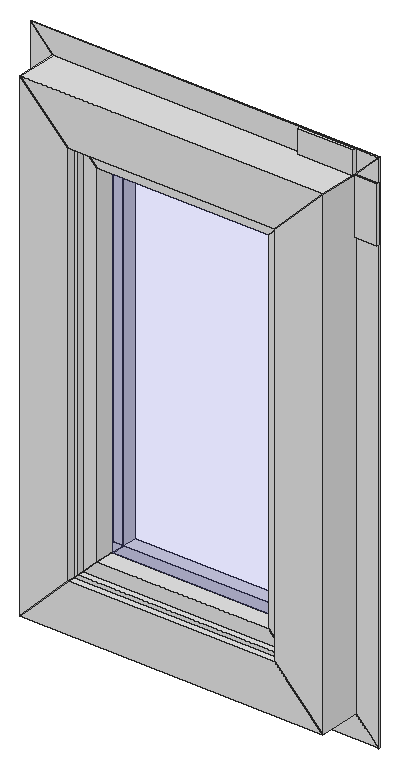
Revit family "511_AWN_nailfin", category Windows, host Wall, Revit 2016
Family settings
  Host = Wall
  OmniClass Number = 23.30.20.00
  OmniClass Title = Windows
  Always vertical = Yes
  Cut with Voids When Loaded = No
  Shared = No
  Room Calculation Point = No
Parameters (values of type "15x24")
  MW = 1 / 2 * Width  # 7 1/2"
  MH = 3.2495"
  Interior Color [instance] = White
  Height = 24"
  Exterior Color [instance] = White
  Default Sill Height = 31.49606"
  Wall Closure = By host
  Width = 15"
Types (18): name | MW | Interior Color | Height | Exterior Color | Width
  (no name) | 7 1/2" | White | 24" | White | 15"
  24x30 | 12" | none | 30" | none | 24"
  48x32Max | 24" | none | 32" | none | 48"
  15x12Min | 7 1/2" | none | 12" | none | 15"
  36x32 | 18" | none | 32" | none | 36"
  15x18 | 7 1/2" | none | 18" | none | 15"
  15x24 | 7 1/2" | White | 24" | White | 15"
  18x24 | 9" | none | 24" | none | 18"
  18x18 | 9" | none | 18" | none | 18"
  18x30 | 9" | none | 30" | none | 18"
  24x18 | 12" | none | 18" | none | 24"
  18x12 | 9" | none | 12" | none | 18"
  24x12 | 12" | none | 12" | none | 24"
  36x12 | 18" | none | 12" | none | 36"
  36x18 | 18" | none | 18" | none | 36"
  36x24 | 18" | none | 24" | none | 36"
  48x18 | 24" | none | 18" | none | 48"
  48x24 | 24" | none | 24" | none | 48"
Reference planes (in)
  plane 1 "Center (Front/Back)": y = 0
  plane 2 "Center (Left/Right)": x = 0
  plane 3 "Left": x = -7.5
  plane 4 "Right": x = 7.5
  plane 5 "Sill": z = 31.49606
  plane 6 "Head": z = 55.49606
  plane 7 "Exterior": y = 3.93701
  plane 8 "Interior": y = -3.93701
  plane 9 "Front of wall": y = 3.93701
  plane 10: z = 34.24556
  plane 11: z = 52.74656
  plane 12: x = -4.7505
  plane 13: x = 4.7515
  plane 14 "MH1": z = 52.24656
  plane 15 "WH2": z = 34.74556
  plane 16 "Front of glass": y = 4.22288
Forms (in)
  Extrusion 1, solid, material "White" <- "Interior Color"
    sketch origin (0, 0, 0) x (0, -1, 0) y (0, 0, 1)
      loop
        line (-3.47838, 34.24556) -> (-4.22288, 34.24556) -> (-4.22288, 34.70786) -> (-4.26088, 34.68356) -> (-5.00088, 34.68356) -> (-5.00088, 34.12056) -> (-5.04088, 34.12056) -> (-5.04088, 32.1129) -> (-5.38701, 32.06425) -> (-5.38701, 31.47606) -> (-5.26201, 31.47606) -> (-5.26201, 31.51606) -> (-5.10257, 31.51606) -> (-5.07401, 31.49606) -> (-4.01201, 31.49606) -> (-4.01201, 30.37106) -> (-3.93701, 30.37106) -> (-3.93701, 31.49606) -> (-1.88701, 31.49606) -> (-1.88701, 33.87106) -> (-2.26201, 33.87106) -> (-2.26201, 34.05906) -> (-2.59088, 34.05906) -> (-2.59088, 34.74556) -> (-3.47838, 34.74556) -> (-3.47838, 34.24556)
    from -8.625 to 8.625
  Extrusion 2, solid, material "White" <- "Interior Color"
    sketch origin (0, 0, 0) x (0, -1, 0) y (0, 0, 1)
      loop
        line (-1.88701, 55.49606) -> (-3.93701, 55.49606) -> (-3.93701, 56.62106) -> (-4.01201, 56.62106) -> (-4.01201, 55.49606) -> (-5.07401, 55.49606) -> (-5.10257, 55.47606) -> (-5.26201, 55.47606) -> (-5.26201, 55.51606) -> (-5.38701, 55.51606) -> (-5.38701, 54.92787) -> (-5.04088, 54.87923) -> (-5.04088, 52.86985) -> (-5.00088, 52.86985) -> (-5.00088, 52.30847) -> (-4.26077, 52.30847) -> (-4.22288, 52.28424) -> (-4.22288, 52.74656) -> (-3.47838, 52.74656) -> (-3.47838, 52.24656) -> (-2.59088, 52.24656) -> (-2.59088, 52.93306) -> (-2.26201, 52.93306) -> (-2.26201, 53.12106) -> (-1.88701, 53.12106) -> (-1.88701, 55.49606)
    from -8.625 to 8.625
  Extrusion 3, solid, material "White" <- "Interior Color"
    sketch origin (0, 0, 31.49606) x (0, -1, 0) y (1, 0, 0)
      loop
        line (-5.04088, 4.8755) -> (-5.00088, 4.8755) -> (-5.00088, 4.3125) -> (-4.26088, 4.3125) -> (-4.22288, 4.2882) -> (-4.22288, 4.7515) -> (-3.47838, 4.7515) -> (-3.47838, 4.2505) -> (-2.59088, 4.2505) -> (-2.59088, 4.937) -> (-2.26201, 4.937) -> (-2.26201, 5.125) -> (-1.88701, 5.125) -> (-1.88701, 7.5) -> (-3.93701, 7.5) -> (-3.93701, 8.625) -> (-4.01201, 8.625) -> (-4.01201, 7.5) -> (-5.07401, 7.5) -> (-5.10865, 7.48) -> (-5.26201, 7.48) -> (-5.26201, 7.52) -> (-5.38701, 7.52) -> (-5.38701, 6.93181) -> (-5.04088, 6.88317) -> (-5.04088, 4.8755)
    from -1.125 to 25.125
  Extrusion 4, solid, material "White" <- "Interior Color"
    sketch origin (0, 0, 31.49606) x (0, -1, 0) y (1, 0, 0)
      loop
        line (-1.87968, -5.125) -> (-2.26201, -5.125) -> (-2.26201, -4.937) -> (-2.59088, -4.937) -> (-2.59088, -4.2505) -> (-3.47838, -4.2505) -> (-3.47838, -4.7505) -> (-4.22288, -4.7505) -> (-4.22288, -4.2882) -> (-4.26088, -4.3125) -> (-5.00088, -4.3125) -> (-5.00088, -4.8755) -> (-5.04088, -4.8755) -> (-5.04088, -6.88317) -> (-5.38701, -6.93181) -> (-5.38701, -7.52) -> (-5.26201, -7.52) -> (-5.26201, -7.48) -> (-5.10865, -7.48) -> (-5.07401, -7.5) -> (-4.01201, -7.5) -> (-4.01201, -8.625) -> (-3.93701, -8.625) -> (-3.93701, -7.5) -> (-1.87968, -7.5) -> (-1.87968, -5.125)
    from -1.125 to 25.125
  Sweep 5, void
    path in 3D
      loop
        line (2.96354, 8.59596, 55.49606) -> (2.96354, 3.93701, 55.49606)
    profile origin (2.96354, 6.26648, 55.49606) x (1, 0, 0) y (0, 0, 1)
      loop
        line (0.80104, -3.18759) -> (1.91196, -3.18759) -> (1.91196, -2.62622) -> (5.80104, 1.26287) -> (0.80104, 1.26287) -> (0.80104, -3.18759)
  Sweep 6, void
    path in 3D
      loop
        line (2.96354, 8.59596, 55.49606) -> (2.96354, 3.93701, 55.49606)
    profile origin (2.96354, 6.26648, 55.49606) x (1, 0, 0) y (0, 0, 1)
      loop
        line (1.91196, -2.62622) -> (1.91196, -3.37622) -> (6.05053, -3.37622) -> (6.05053, 1.51236) -> (1.91196, -2.62622)
  Sweep 7, void
    path in 3D
      loop
        line (-0.79779, 9.2514, 55.49606) -> (-0.79779, 3.93701, 55.49606)
    profile origin (-0.79779, 6.59421, 55.49606) x (1, 0, 0) y (0, 0, 1)
      loop
        line (-8.51845, 1.81624) -> (-4.07599, -2.62622) -> (-4.07599, -3.18376) -> (-2.94936, -3.18376) -> (-2.94936, 1.81624) -> (-8.51845, 1.81624)
  Sweep 8, void
    path in 3D
      loop
        line (-0.79779, 9.2514, 55.49606) -> (-0.79779, 3.93701, 55.49606)
    profile origin (-0.79779, 6.59421, 55.49606) x (1, 0, 0) y (0, 0, 1)
      loop
        line (-8.32599, 1.62378) -> (-8.32599, -4.12622) -> (-4.07599, -4.12622) -> (-4.07599, -2.62622) -> (-8.32599, 1.62378)
  Sweep 9, void
    path in 3D
      loop
        line (-3.22884, 9.5379, 31.49606) -> (-3.22884, 3.93701, 31.49606)
    profile origin (-3.22884, 6.73745, 31.49606) x (1, 0, 0) y (0, 0, 1)
      loop
        line (-5.8057, -1.53454) -> (-0.68699, -1.53454) -> (-0.68699, 3.1875) -> (-1.64666, 3.1875) -> (-1.64666, 2.6245) -> (-5.8057, -1.53454)
  Sweep 10, void
    path in 3D
      loop
        line (-3.22884, 9.5379, 31.49606) -> (-3.22884, 3.93701, 31.49606)
    profile origin (-3.22884, 6.73745, 31.49606) x (1, 0, 0) y (0, 0, 1)
      loop
        line (-1.64666, 2.6245) -> (-1.64666, 3.3745) -> (-6.03677, 3.3745) -> (-6.03677, -1.76561) -> (-1.64666, 2.6245)
  Sweep 11, void
    path in 3D
      loop
        line (3.97781, 9.29354, 31.49606) -> (3.97781, 3.93701, 31.49606)
    profile origin (3.97781, 6.61528, 31.49606) x (1, 0, 0) y (0, 0, 1)
      loop
        line (4.83469, -1.3125) -> (0.89769, 2.6245) -> (0.89769, 3.1875) -> (-0.10231, 3.1875) -> (-0.10231, -1.3125) -> (4.83469, -1.3125)
  Sweep 12, void
    path in 3D
      loop
        line (3.97781, 9.29354, 31.49606) -> (3.97781, 3.93701, 31.49606)
    profile origin (3.97781, 6.61528, 31.49606) x (1, 0, 0) y (0, 0, 1)
      loop
        line (5.26113, -1.73894) -> (5.26113, 4.0333) -> (0.89769, 4.0333) -> (0.89769, 2.6245) -> (5.26113, -1.73894)
  Extrusion 13, void
    sketch origin (0, 3.93701, 0) x (1, 0, 0) y (0, 0, 1)
      loop
        line (-4, 51.99606) -> (-10.99016, 58.98622) -> (-10.99016, 51.99606) -> (-4, 51.99606)
    from 0 to 12
  Extrusion 14, void
    sketch origin (0, 3.93701, 0) x (1, 0, 0) y (0, 0, 1)
      loop
        line (-4.03603, 52.0321) -> (-4.03603, 58.54545) -> (-10.54939, 58.54545) -> (-4.03603, 52.0321)
    from 0 to 12
  Extrusion 15, void
    sketch origin (0, 3.93701, 0) x (1, 0, 0) y (0, 0, 1)
      loop
        line (3.78603, 51.7821) -> (10.74926, 51.7821) -> (10.74926, 58.74532) -> (3.78603, 51.7821)
    from 0.10992 to 12
  Extrusion 16, void
    sketch origin (0, 3.93701, 0) x (1, 0, 0) y (0, 0, 1)
      loop
        line (3.81855, 51.81462) -> (10.75, 58.74606) -> (3.81855, 58.74606) -> (3.81855, 51.81462)
    from 0.16988 to 12
  Extrusion 17, void
    sketch origin (0, 3.93701, 0) x (1, 0, 0) y (0, 0, 1)
      loop
        line (3.87721, 35.11885) -> (3.87721, 28.7682) -> (10.22786, 28.7682) -> (3.87721, 35.11885)
    from 0 to 12
  Extrusion 18, void
    sketch origin (0, 3.93701, 0) x (1, 0, 0) y (0, 0, 1)
      loop
        line (9.23894, 29.75713) -> (9.23894, 35.22837) -> (3.76769, 35.22837) -> (9.23894, 29.75713)
    from 0 to 12
  Extrusion 19, void
    sketch origin (0, 3.93701, 0) x (1, 0, 0) y (0, 0, 1)
      loop
        line (-3.61231, 35.38375) -> (-11.75, 27.24606) -> (-3.61231, 27.24606) -> (-3.61231, 35.38375)
    from 0 to 12
  Extrusion 20, void
    sketch origin (0, 3.93701, 0) x (1, 0, 0) y (0, 0, 1)
      loop
        line (-10.49016, 28.50591) -> (-3.78769, 35.20837) -> (-10.49016, 35.20837) -> (-10.49016, 28.50591)
    from 0 to 12
  Extrusion 21, solid, material "Glass"
    sketch origin (0, 0, 0) x (0, -1, 0) y (0, 0, 1)
      loop
        line (-4.22288, 34.24556) -> (-3.47838, 34.24556) -> (-3.47838, 52.74656) -> (-4.22288, 52.74656) -> (-4.22288, 34.24556)
    from -4.7515 to 4.7505
Cuts and joins
  Sweep 5, Sweep 11, Extrusion 16, Extrusion 17 cuts Extrusion 3
  Sweep 6, Sweep 8, Extrusion 13, Extrusion 15 cuts Extrusion 2
  Sweep 7, Sweep 9, Extrusion 14, Extrusion 19 cuts Extrusion 4
  Sweep 10, Sweep 12, Extrusion 18, Extrusion 20 cuts Extrusion 1
Lines and regions (in)
  Opening 1
    outline origin (137.79528, -3.93701, 0) x (1, 0, 0) y (0, 0, 1)
      loop
        line (-130.29528, 31.49606) -> (-130.29528, 55.49606) -> (-145.29528, 55.49606) -> (-145.29528, 31.49606) -> (-130.29528, 31.49606)
  reference lines
    curve 1: line (-3.22884, 9.5379, 31.49606) -> (-3.22884, 3.93701, 31.49606)
    curve 2: line (3.97781, 9.29354, 31.49606) -> (3.97781, 3.93701, 31.49606)
    curve 3: line (-0.79779, 9.2514, 55.49606) -> (-0.79779, 3.93701, 55.49606)
    curve 4: line (2.96354, 8.59596, 55.49606) -> (2.96354, 3.93701, 55.49606)
    curve 13: line (0, 4.22288, 52.22328) -> (4.2505, 4.22288, 34.74556)
    curve 14: line (0, 4.22288, 52.24656) -> (-4.2505, 4.22288, 34.74556)
  sketch lines
    curve 5: line (2.96354, 8.59596, 55.49606) -> (2.96354, 3.93701, 55.49606)
    curve 6: line (2.96354, 8.59596, 55.49606) -> (2.96354, 3.93701, 55.49606)
    curve 7: line (-0.79779, 9.2514, 55.49606) -> (-0.79779, 3.93701, 55.49606)
    curve 8: line (-0.79779, 9.2514, 55.49606) -> (-0.79779, 3.93701, 55.49606)
    curve 9: line (-3.22884, 9.5379, 31.49606) -> (-3.22884, 3.93701, 31.49606)
    curve 10: line (-3.22884, 9.5379, 31.49606) -> (-3.22884, 3.93701, 31.49606)
    curve 11: line (3.97781, 9.29354, 31.49606) -> (3.97781, 3.93701, 31.49606)
    curve 12: line (3.97781, 9.29354, 31.49606) -> (3.97781, 3.93701, 31.49606)
  model lines
    curve 15: line (-0.00283, 4.22288, 52.23491) -> (4.2505, 4.22288, 34.74556)
    curve 16: line (-0.00283, 4.22288, 52.23491) -> (-4.2505, 4.22288, 34.74556)
  symbolic lines
    curve 17: line (-4.2505, 3.93701, 34.74556) -> (-0.00283, 3.93701, 52.23491)
    curve 18: line (-0.00283, 3.93701, 52.23491) -> (4.2505, 3.93701, 34.74556)
Text (in)
  text "EXTERIOR" at (-77.29147, 52.45485, 0), in view "Ref. Level"
  text "INTERIOR" at (-78.01048, -32.21994, 0), in view "Ref. Level"
  text "Exterior" at (0, 36.36817, 115.8778), in view "Right"
  text "Exterior" at (0, 40.96394, 105.72475), in view "Left"
Dimensions and locks (in)
  equal spacing: plane 3 "Left", plane 2 "Center (Left/Right)", plane 4 "Right"
  "Width": plane 3 "Left" to plane 4 "Right"
  "Height": plane 5 "Sill" to plane 6 "Head"
  "Default Sill Height": plane 5 "Sill" to level
  locked: plane 7 "Exterior" to host wall at 0
  locked: plane 8 "Interior" to host wall
  locked: plane 5 "Sill" to plane 10 at 2.7495
  locked: Extrusion 1 sketch curve to Extrusion 1 sketch curve at 2.375
  locked: plane 9 "Front of wall" to Extrusion 1 sketch curve at 2.05
  locked: plane 11 to plane 6 "Head" at 2.7495
  locked: plane 9 "Front of wall" to Extrusion 2 sketch curve at 2.05
  locked: Extrusion 2 sketch curve to Extrusion 2 sketch curve at 2.375
  locked: plane 6 "Head" to Extrusion 2 sketch curve at 1.125
  locked: Extrusion 1 sketch curve to plane 5 "Sill" at 1.125
  locked: plane 3 "Left" to plane 12 at 2.7495
  locked: plane 13 to plane 4 "Right" at 2.7485
  locked: Extrusion 3 sketch curve to plane 9 "Front of wall" at 2.05
  locked: Extrusion 3 sketch curve to Extrusion 3 sketch curve at 2.375
  locked: plane 4 "Right" to Extrusion 3 sketch curve at 1.125
  locked: Extrusion 4 sketch curve to plane 9 "Front of wall" at 2.05733
  locked: Extrusion 4 sketch curve to plane 3 "Left" at 1.125
  locked: Extrusion 4 sketch curve to Extrusion 4 sketch curve at 2.375
  locked: plane 9 "Front of wall" to cut or joined group of Extrusion 3, Sweep 5, Sweep 11, Extrusion 16, Extrusion 17 at 0.45863
  "MH": plane 5 "Sill" to plane 15 "WH2"
  "MH": plane 14 "MH1" to plane 6 "Head"
  "MH": plane 3 "Left" to curve 14
  "MH": curve 13 to plane 4 "Right"
  locked: cut or joined group of Extrusion 4, Sweep 7, Sweep 9, Extrusion 14, Extrusion 19 to plane 9 "Front of wall" at 1.34613
  locked: cut or joined group of Extrusion 3, Sweep 5, Sweep 11, Extrusion 16, Extrusion 17 to plane 9 "Front of wall" at 1.34613
  locked: plane 16 "Front of glass" to plane 9 "Front of wall" at 0.28587
  "MW": curve 14 to plane 4 "Right"
  "MW": plane 3 "Left" to curve 13
  aligned and locked: Extrusion 1 sketch curve to plane 5 "Sill"  (x2)
  aligned and locked: Extrusion 1 sketch curve to plane 9 "Front of wall"
  aligned and locked: plane 10 to Extrusion 1 sketch curve
  aligned and locked: Extrusion 2 sketch curve to plane 6 "Head"  (x2)
  aligned and locked: plane 9 "Front of wall" to Extrusion 2 sketch curve
  aligned and locked: plane 11 to Extrusion 2 sketch curve
  aligned and locked: Extrusion 3 sketch curve to plane 13
  aligned and locked: Extrusion 3 sketch curve to plane 9 "Front of wall"
  aligned and locked: plane 4 "Right" to Extrusion 3 sketch curve  (x2)
  aligned and locked: Extrusion 2 to Extrusion 3  (x2)
  aligned and locked: Extrusion 3 to Extrusion 1  (x2)
  aligned and locked: Extrusion 4 sketch curve to plane 3 "Left"  (x2)
  aligned and locked: Extrusion 4 sketch curve to plane 9 "Front of wall"
  aligned and locked: plane 12 to Extrusion 4 sketch curve
  aligned and locked: Extrusion 1 to Extrusion 4  (x2)
  aligned and locked: Extrusion 4 to Extrusion 2  (x2)
  aligned and locked: plane 9 "Front of wall" to curve 1
  aligned and locked: plane 9 "Front of wall" to curve 2
  aligned and locked: plane 9 "Front of wall" to curve 3
  aligned and locked: plane 9 "Front of wall" to curve 4
  aligned and locked: Extrusion 21 sketch curve to plane 11
  aligned and locked: Extrusion 21 sketch curve to plane 10
  aligned and locked: Extrusion 21 to plane 13
  aligned and locked: plane 12 to Extrusion 21
  aligned and locked: plane 15 "WH2" to curve 14
  aligned and locked: plane 15 "WH2" to curve 13
  aligned and locked: curve 15 to curve 13
  aligned and locked: curve 14 to curve 16
  aligned and locked: plane 9 "Front of wall" to host wall
  aligned and locked: curve 15 to curve 18
  aligned and locked: curve 17 to curve 16
Automatic sketch dimensions
  plane 3 "Left" to Opening 1 sketch curve = 0"
  plane 4 "Right" to Opening 1 sketch curve = 0"
  Opening 1 sketch curve to plane 5 "Sill" = 0"
  Opening 1 sketch curve to plane 6 "Head" = 0"
  Extrusion 1 sketch curve to Extrusion 1 sketch curve = 0.075"
  Extrusion 1 sketch curve to Extrusion 1 sketch curve = 0.038"
  Extrusion 1 sketch curve to Extrusion 1 sketch curve = 0.74001"
  host wall to Extrusion 1 sketch curve = 1.10387"
  Extrusion 1 sketch curve to Extrusion 1 sketch curve = 0.03313"
  Extrusion 1 sketch curve to plane 5 "Sill" = 0.02"
  Extrusion 1 sketch curve to Extrusion 1 sketch curve = 0.02856"
  plane 5 "Sill" to Extrusion 1 sketch curve = 0.02"
  Extrusion 1 sketch curve to Extrusion 1 sketch curve = 0.15944"
  Extrusion 1 sketch curve to Extrusion 1 sketch curve = 1/8"
  Extrusion 1 sketch curve to Extrusion 1 sketch curve = 0.8875"
  Extrusion 1 sketch curve to Extrusion 1 sketch curve = 0.32887"
  Extrusion 1 sketch curve to Extrusion 1 sketch curve = 0.54819"
  Extrusion 1 sketch curve to Extrusion 1 sketch curve = 0.04865"
  plane 10 to Extrusion 1 sketch curve = 0.1865"
  plane 10 to Extrusion 1 sketch curve = 1/8"
  Extrusion 1 sketch curve to plane 10 = 0.438"
  Extrusion 1 sketch curve to Extrusion 1 sketch curve = 0.0243"
  Extrusion 1 sketch curve to plane 10 = 1/2"
  Extrusion 2 sketch curve to Extrusion 2 sketch curve = 0.075"
  Extrusion 2 sketch curve to Extrusion 2 sketch curve = 0.0379"
  Extrusion 2 sketch curve to plane 11 = 0.12328"
  Extrusion 2 sketch curve to Extrusion 2 sketch curve = 0.77801"
  host wall to Extrusion 2 sketch curve = 1.10387"
  Extrusion 2 sketch curve to Extrusion 2 sketch curve = 0.03313"
  Extrusion 2 sketch curve to Extrusion 2 sketch curve = 0.02856"
  Extrusion 2 sketch curve to plane 6 "Head" = 0.02"
  Extrusion 2 sketch curve to Extrusion 2 sketch curve = 0.15944"
  Extrusion 2 sketch curve to Extrusion 2 sketch curve = 1/8"
  Extrusion 2 sketch curve to plane 11 = 0.1865"
  Extrusion 2 sketch curve to Extrusion 2 sketch curve = 0.70387"
  Extrusion 2 sketch curve to Extrusion 2 sketch curve = 0.32887"
  plane 11 to Extrusion 2 sketch curve = 0.43809"
  Extrusion 2 sketch curve to Extrusion 2 sketch curve = 0.02423"
  plane 11 to Extrusion 2 sketch curve = 1/2"
  plane 6 "Head" to Extrusion 2 sketch curve = 0.61683"
  Extrusion 2 sketch curve to Extrusion 2 sketch curve = 0.04865"
  plane 6 "Head" to Extrusion 2 sketch curve = 0.02"
  host wall to Extrusion 3 sketch curve = 0.075"
  Extrusion 3 sketch curve to Extrusion 3 sketch curve = 0.038"
  Extrusion 3 sketch curve to plane 13 = 0.124"
  Extrusion 3 sketch curve to Extrusion 3 sketch curve = 0.03999"
  Extrusion 3 sketch curve to Extrusion 3 sketch curve = 0.03313"
  plane 4 "Right" to Extrusion 3 sketch curve = 0.02"
  Extrusion 3 sketch curve to Extrusion 3 sketch curve = 0.03464"
  Extrusion 3 sketch curve to Extrusion 3 sketch curve = 0.15336"
  Extrusion 3 sketch curve to plane 4 "Right" = 0.02"
  Extrusion 3 sketch curve to Extrusion 3 sketch curve = 1/8"
  Extrusion 3 sketch curve to Extrusion 3 sketch curve = 0.8875"
  Extrusion 3 sketch curve to Extrusion 3 sketch curve = 3/8"
  plane 13 to Extrusion 3 sketch curve = 0.439"
  Extrusion 3 sketch curve to Extrusion 3 sketch curve = 0.0243"
  plane 13 to Extrusion 3 sketch curve = 0.501"
  Extrusion 3 sketch curve to plane 13 = 0.1855"
  Extrusion 3 sketch curve to Extrusion 3 sketch curve = 0.59683"
  Extrusion 3 sketch curve to Extrusion 3 sketch curve = 0.04865"
  host wall to Extrusion 4 sketch curve = 0.075"
  plane 3 "Left" to Extrusion 4 sketch curve = 0.02"
  Extrusion 4 sketch curve to plane 3 "Left" = 0.56819"
  Extrusion 4 sketch curve to Extrusion 4 sketch curve = 1/8"
  host wall to Extrusion 4 sketch curve = 0.28587"
  Extrusion 4 sketch curve to Extrusion 4 sketch curve = 0.038"
  plane 12 to Extrusion 4 sketch curve = 1/8"
  Extrusion 4 sketch curve to Extrusion 4 sketch curve = 0.74001"
  Extrusion 4 sketch curve to Extrusion 4 sketch curve = 0.03999"
  Extrusion 4 sketch curve to Extrusion 4 sketch curve = 0.34613"
  Extrusion 4 sketch curve to Extrusion 4 sketch curve = 0.15336"
  Extrusion 4 sketch curve to Extrusion 4 sketch curve = 0.03464"
  Extrusion 4 sketch curve to plane 3 "Left" = 0.02"
  Extrusion 4 sketch curve to Extrusion 4 sketch curve = 0.04865"
  Extrusion 4 sketch curve to Extrusion 4 sketch curve = 0.0243"
  Extrusion 4 sketch curve to plane 12 = 0.438"
  Extrusion 4 sketch curve to Extrusion 4 sketch curve = 0.8875"
  plane 12 to Extrusion 4 sketch curve = 0.1865"
  Extrusion 4 sketch curve to Extrusion 4 sketch curve = 0.32887"
  curve 1 to plane 12 = 1.52166"
  plane 13 to curve 2 = 0.77369"
  curve 2 to curve 2 = 5.35653"
  host wall to curve 1 = 5.60089"
  curve 3 to plane 12 = 3.95271"
  plane 13 to curve 4 = 1.78796"
  host wall to curve 4 = 4.65895"
  host wall to curve 3 = 5.3144"
  profile plane to Sweep 5 sketch curve = 1.26287"
  Sweep 5 sketch curve to Sweep 5 sketch curve = 3.88909"
  Sweep 5 sketch curve to profile plane = 2.62622"
  Sweep 5 sketch curve to Sweep 5 sketch curve = 0.56138"
  Sweep 5 sketch curve to Sweep 5 sketch curve = 1.11091"
  Sweep 5 sketch curve to profile plane = 0.80104"
  Sweep 6 sketch curve to profile plane = 1.91196"
  Sweep 6 sketch curve to profile plane = 3.37622"
  Sweep 6 sketch curve to Sweep 6 sketch curve = 3/4"
  profile plane to Sweep 6 sketch curve = 1.51236"
  Sweep 6 sketch curve to Sweep 6 sketch curve = 4.13857"
  profile plane to Sweep 7 sketch curve = 4.07599"
  Sweep 7 sketch curve to Sweep 7 sketch curve = 1.12663"
  Sweep 7 sketch curve to profile plane = 3.18376"
  Sweep 7 sketch curve to Sweep 7 sketch curve = 0.55754"
  profile plane to Sweep 7 sketch curve = 1.81624"
  Sweep 7 sketch curve to Sweep 7 sketch curve = 5.56909"
  profile plane to Sweep 8 sketch curve = 1.62378"
  profile plane to Sweep 8 sketch curve = 8.32599"
  profile plane to Sweep 8 sketch curve = 4.07599"
  Sweep 8 sketch curve to profile plane = 2.62622"
  Sweep 8 sketch curve to profile plane = 4.12622"
  profile plane to Sweep 9 sketch curve = 1.64666"
  profile plane to Sweep 9 sketch curve = 0.68699"
  profile plane to Sweep 9 sketch curve = 2.6245"
  Sweep 9 sketch curve to Sweep 9 sketch curve = 0.563"
  Sweep 9 sketch curve to profile plane = 1.53454"
  Sweep 9 sketch curve to Sweep 9 sketch curve = 5.1187"
  profile plane to Sweep 10 sketch curve = 1.64666"
  profile plane to Sweep 10 sketch curve = 2.6245"
  Sweep 10 sketch curve to Sweep 10 sketch curve = 3/4"
  Sweep 10 sketch curve to profile plane = 1 49/64"
  Sweep 10 sketch curve to Sweep 10 sketch curve = 4.39011"
  profile plane to Sweep 11 sketch curve = 0.10231"
  Sweep 11 sketch curve to profile plane = 0.89769"
  profile plane to Sweep 11 sketch curve = 2.6245"
  Sweep 11 sketch curve to Sweep 11 sketch curve = 0.563"
  Sweep 11 sketch curve to profile plane = 1 5/16"
  Sweep 11 sketch curve to profile plane = 4.83469"
  Sweep 12 sketch curve to profile plane = 0.89769"
  profile plane to Sweep 12 sketch curve = 2.6245"
  Sweep 12 sketch curve to Sweep 12 sketch curve = 1.4088"
  Sweep 12 sketch curve to profile plane = 1.73894"
  Sweep 12 sketch curve to Sweep 12 sketch curve = 4.36344"
  plane 3 "Left" to Extrusion 13 sketch curve = 3.49016"
  Extrusion 13 sketch curve to plane 12 = 0.7505"
  plane 11 to Extrusion 13 sketch curve = 0.7505"
  Extrusion 13 sketch curve to plane 6 "Head" = 3.49016"
  plane 3 "Left" to Extrusion 14 sketch curve = 3.04939"
  Extrusion 14 sketch curve to plane 6 "Head" = 3.04939"
  Extrusion 14 sketch curve to plane 12 = 0.71447"
  plane 11 to Extrusion 14 sketch curve = 0.71447"
  Extrusion 15 sketch curve to plane 4 "Right" = 3.24926"
  Extrusion 15 sketch curve to plane 6 "Head" = 3.24926"
  plane 13 to Extrusion 15 sketch curve = 0.96547"
  plane 11 to Extrusion 15 sketch curve = 0.96447"
  Extrusion 16 sketch curve to plane 4 "Right" = 3 1/4"
  Extrusion 16 sketch curve to plane 6 "Head" = 3 1/4"
  plane 13 to Extrusion 16 sketch curve = 0.93295"
  plane 11 to Extrusion 16 sketch curve = 0.93195"
  Extrusion 17 sketch curve to plane 4 "Right" = 2.72786"
  plane 5 "Sill" to Extrusion 17 sketch curve = 2.72786"
  plane 13 to Extrusion 17 sketch curve = 0.87429"
  Extrusion 17 sketch curve to plane 10 = 0.87329"
  plane 13 to Extrusion 18 sketch curve = 0.98381"
  Extrusion 18 sketch curve to plane 10 = 0.98281"
  Extrusion 18 sketch curve to plane 4 "Right" = 1.73894"
  plane 5 "Sill" to Extrusion 18 sketch curve = 1.73894"
  plane 3 "Left" to Extrusion 19 sketch curve = 4 1/4"
  plane 5 "Sill" to Extrusion 19 sketch curve = 4 1/4"
  Extrusion 19 sketch curve to plane 12 = 1.13819"
  Extrusion 19 sketch curve to plane 10 = 1.13819"
  plane 5 "Sill" to Extrusion 20 sketch curve = 2.99016"
  Extrusion 20 sketch curve to plane 12 = 0.96281"
  Extrusion 20 sketch curve to plane 10 = 0.96281"
  plane 3 "Left" to Extrusion 20 sketch curve = 2.99016"
  host wall to Extrusion 21 sketch curve = 0.28587"
  curve 14 to plane 14 "MH1" = 0"
  curve 13 to plane 14 "MH1" = 0.02329"
  curve 15 to plane 15 "WH2" = 0"
  curve 16 to plane 15 "WH2" = 0"
  curve 17 to plane 15 "WH2" = 0"
  curve 18 to plane 15 "WH2" = 0"
  Extrusion 2 sketch curve to plane 16 "Front of glass" = 0"
  Extrusion 2 sketch curve to host wall = 0.45863"
  Extrusion 1 sketch curve to plane 16 "Front of glass" = 0"
  Extrusion 1 sketch curve to host wall = 0.45863"
  Extrusion 21 sketch curve to host wall = 0.45863"
  Extrusion 4 sketch curve to host wall = 0.45863"
  Extrusion 4 sketch curve to plane 12 = 1/2"
  plane 16 "Front of glass" to Extrusion 3 sketch curve = 0"
  Extrusion 3 sketch curve to host wall = 0.45863"
  Extrusion 3 sketch curve to plane 16 "Front of glass" = 0.77801"
